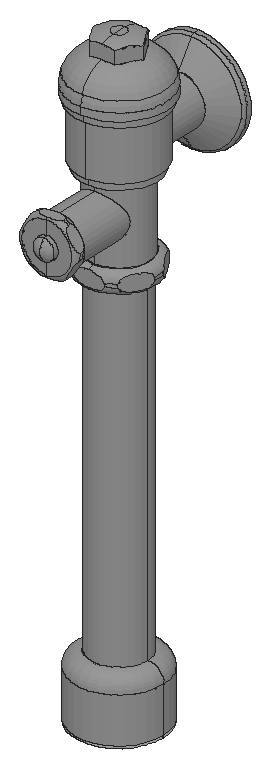
Revit family "LIXIL - FM2-210 N - COBRA FLUSH MASTER TOILET FLUSH VALVE", category Plumbing Fixtures, Revit 2023
Family settings
  Round Connector Dimension = Use Diameter
  Part Type = Normal
  OmniClass Number = 23.45.00.00
  OmniClass Title = Sanitary, Laundry, and Cleaning Equipment
  Work Plane-Based = No
  Enable Cutting in Views = No
  Always vertical = Yes
  Cut with Voids When Loaded = No
  Maintain Annotation Orientation = No
  Shared = Yes
  Room Calculation Point = No
Parameters (values of type "FM2-210 N")
  Product Specification = "Supplier: Lixil.\r\nProduct description: Exposed top entry. Non-hold open feature. With wall flange, integral vacuum breaker, and butterfly control inlet. Including pan connector. With straight flush pipe and compression pan connector. 1 1/4BSP female iron connection end. Recommended optimum design pressures: inlet flow pressure 30 - 300kPa for back entry WC pans: Maximum system pressure 600kPa.\r\nProduct Code: FFUUSPFM-0GT01\r\nSKU Code\t: FM2-210/N\r\nBarcode: 6002194033110\r\nBrand: Cobra\r\nRange: Flush Master\r\nCategory: Flush Valves\r\nSub-Category: Toilets\r\nColour: Chrome\r\nPackage Height: 80 mm\r\nPackage Width: 250 mm\r\nPackage Length: 480 mm\r\nPackage Volume: 9600000 mm³\r\nPackage Weight: 2.88 kg\r\n\r\nNotes:\r\n- Refer to manufacturer's and supplier's installation, maintenance and cleaning manual.\r\n- Refer to manufacturer's and supplier's guarantees and warrantees document."
  M _ RUBBER _ BLACK _ SOFT = M _ LIXIL - RUBBER - BLACK 01
  M _ FLUSH VALVE BODY = M _ LIXIL - CHROME 01
  M _ FLUSH PIPE _ CHROME = M _ LIXIL - CHROME 01
  Hosted on lixil.co.za = "https://www.lixil.co.za/item/cobra-flush-master-valve-flush-toilet-chrome-14"
  HEIGHT -118MM - 273MM MAX = 270 mm
  Description = "Cobra Flush Master Toilet Flush Valve to detail and spec. See sanware schedule. Available from Lixil."
  Default Elevation = 0 mm
Reference planes
  plane 1 "Center (Front/Back)": y = 0
  plane 2: z = 0
  plane 3 "Center (Left/Right)": x = 0
  plane 4: z = 270
  plane 5: z = 311.656
  plane 6: z = 341.871
  plane 7 "Center L/V": y = -67
Dimensions and locks
  "HEIGHT -118MM - 273MM MAX": level to plane 4
  locked: plane 5 to plane 4 at 41.656
  locked: connector elem to plane 5 at 40.215
  aligned and locked: level to plane 2
  aligned and locked: level to nested 3
  aligned and locked: nested 1 to plane 4
  aligned and locked: nested 1 to plane 1 "Center (Front/Back)"
  aligned and locked: plane 7 "Center L/V" to nested 3
Nested families
  nested 1: "BODY" at (0, -67, 270) x (0, 1, 0) z (0, 0, 1), type "BODY", detail levels medium+fine
  nested 2: "PLACEHOLDER" at (0, 0, 0), H <- "HEIGHT -118MM - 273MM MAX", type "01", detail levels coarse
    with W 70 mm, H 270 mm, D 134.836 mm
  nested 3: "PIPE" at (0, -67, 0), type "01", detail levels medium+fine
    with HEIGHT -118MM - 273MM MAX 270 mm
Connectors
  piping at (1.468, 0, 351.871), diameter 15
    settings: index 1, connector inside diameter 609.6 mm, connector length 0 mm, flow factor 0, pipe flow 0.0 L/s, pressure drop 0.0 Pa, fitting loss kfactor 0, connector angle 0.00°, fixture units 0, engagement length 0 mm, angle of deflection 0.00°, flow configuration 0, flow direction 0, fitting loss method 0, system type 20, joint type 0, gender type 0, connector reference index -1, connector utility 0, adjustable connector no, is connector primary yes, connector description ""
Definition of nested family "BODY"
  Parameters (values of type "BODY")
    M _ RUBBER _ BLACK _ SOFT = none
    M _ FLUSH VALVE BODY = none
    Default Elevation = 0 mm
  Reference planes
    plane 1 "Center (Front/Back)": y = 0
    plane 2: z = 0
    plane 3 "Center (Left/Right)": x = 0
    plane 4: z = 41.656
    plane 5: y = -115
    plane 6: y = -71
    plane 7: z = 81.871
    plane 8: x = -115
    plane 9: x = 108
  Forms (mm)
    Revolve 1, solid, material <- "M _ FLUSH VALVE BODY"
      sketch origin (0, 0, 0) x (1, 0, 0) y (0, 0, 1)
        loop
          line (0, 109.141) -> (-30, 109.141) -> (-30, 104.141) -> (-27.903, 104.141) -> (-27.903, 69.141) -> (-25.807, 69.141) -> (-25.807, 64.141) -> (-20, 64.141) -> (-20, 14.141) -> (0, 14.141) -> (0, 109.141)
        axis (0, 109.141) -> (0, 14.141)
      angle from 0 to 360
    Revolve 2, solid, material <- "M _ FLUSH VALVE BODY"
      sketch origin (0, 0, 218.282) x (1, 0, 0) y (0, 0, 1)
        loop
          line (0, -83.485) -> (-14.613, -83.485)
          arc (-14.613, -83.485) -> (-24.709, -88.263) -> (-30.92, -97.548) r 20.967
          line (-30.92, -97.548) -> (0, -97.548) -> (0, -83.485)
        axis (0, -97.548) -> (0, -83.485)
      angle from 0 to 360
    Extrusion 3, solid, material <- "M _ FLUSH VALVE BODY"
      sketch origin (0, 40, 71.777) x (-1, 0, 0) y (0, -1, 0)
        loop
          line (-14.289, 48.25) -> (-14.289, 31.75) -> (0, 23.5) -> (14.289, 31.75) -> (14.289, 48.25) -> (0, 56.5) -> (-14.289, 48.25)
      from 59.503 to 75.892
    Revolve 4, void
      sketch origin (-71, 0, 58.07) x (-1, 0, 0) y (0, 0, 1)
        loop
          line (-52.121, 83.392) -> (-52.121, 92.654) -> (-71, 92.654) -> (-71, 87.819) -> (-66, 87.819)
          arc (-66, 87.819) -> (-58.716, 86.686) -> (-52.121, 83.392) r 23.972
        axis (-71, 92.654) -> (-71, 83.392)
      angle from 0 to 360
    Revolve 5, solid, material <- "M _ FLUSH VALVE BODY"
      sketch origin (-29.742, 0, -95.834) x (-1, 0, 0) y (0, 0, 1)
        loop
          line (-29.742, 109.976) -> (-50.648, 109.976)
          arc (-50.648, 109.976) -> (-54.957, 108.19) -> (-56.742, 103.881) r 6.095
          line (-56.742, 103.881) -> (-56.742, 101.929)
          arc (-56.742, 101.929) -> (-54.957, 97.62) -> (-50.648, 95.834) r 6.095
          line (-50.648, 95.834) -> (-29.742, 95.834) -> (-29.742, 109.976)
        axis (-29.742, 109.976) -> (-29.742, 95.834)
      angle from 0 to 360
    Extrusion 6, void
      sketch origin (-282.166, -351.439, 0) x (0, 1, 0) y (-1, 0, 0)
        loop
          line (337.005, -257.166) -> (322.571, -282.166) -> (337.005, -307.166) -> (365.872, -307.166) -> (380.306, -282.166) -> (365.872, -257.166) -> (337.005, -257.166)
        loop
          circle (351.439, -282.166) r 34.38
      from 0 to 14.141
    Revolve 7, solid, material <- "M _ FLUSH VALVE BODY"
      sketch origin (160.361, 0, 52.128) x (0, 0, -1) y (-1, 0, 0)
        loop
          line (-64.742, 93.361) -> (-29.742, 93.361) -> (-29.742, 109.976) -> (-47.12, 109.976) -> (-63.314, 99.144)
          arc (-63.314, 99.144) -> (-64.363, 97.986) -> (-64.742, 96.47) r 3.217
          line (-64.742, 96.47) -> (-64.742, 93.361)
        axis (-29.742, 109.976) -> (-29.742, 93.361)
      angle from 0 to 360
    Revolve 8, solid, material <- "M _ FLUSH VALVE BODY"
      sketch origin (43.733, 0, 11.913) x (0, 0, -1) y (-1, 0, 0)
        loop
          line (-29.742, 102.005) -> (-37.39, 102.005) -> (-37.39, 104.271) -> (-46.535, 104.271)
          arc (-46.535, 104.271) -> (-48.656, 103.392) -> (-49.535, 101.271) r 3
          line (-49.535, 101.271) -> (-49.535, 98.834)
          arc (-49.535, 98.834) -> (-48.656, 96.713) -> (-46.535, 95.834) r 3
          line (-46.535, 95.834) -> (-29.742, 95.834) -> (-29.742, 102.005)
        axis (-29.742, 104.271) -> (-29.742, 95.834)
      angle from 0 to 360
    Extrusion 9, void
      sketch origin (-52.102, -351.439, -240.51) x (0, 1, 0) y (0, 0, -1)
        loop
          line (341.043, -264.16) -> (330.648, -282.166) -> (341.043, -300.171) -> (361.834, -300.171) -> (372.229, -282.166) -> (361.834, -264.16) -> (341.043, -264.16)
        loop
          circle (351.439, -282.166) r 24.761
      from 0 to 14.141
    Revolve 10, solid, material <- "M _ FLUSH VALVE BODY"
      sketch origin (-79.288, 0, 41.656) x (0, 0, -1) y (1, 0, 0)
        loop
          line (-16.296, 79.288) -> (-16.296, 27.209) -> (0, 27.209) -> (0, 79.288) -> (-16.296, 79.288)
        axis (0, 79.288) -> (0, 27.209)
      angle from 0 to 360
    Revolve 11, solid, material <- "M _ FLUSH VALVE BODY"
      sketch origin (-33.352, 0, 41.656) x (0, 0, -1) y (1, 0, 0)
        loop
          line (-7, -24.92) -> (-7, -29.92)
          arc (-7, -29.92) -> (-3.905, -32.471) -> (0, -33.385) r 8.802
          line (0, -33.385) -> (0, -24.92) -> (-7, -24.92)
        axis (0, -33.385) -> (0, -24.92)
      angle from 0 to 360
    Revolve 12, solid, material <- "M _ FLUSH VALVE BODY"
      sketch origin (-27.209, 0, 81.871) x (0, 0, -1) y (1, 0, 0)
        loop
          line (-17.271, 77.595) -> (-17.271, 27.209) -> (0, 27.209) -> (0, 77.595) -> (-17.271, 77.595)
        axis (0, 77.595) -> (0, 27.209)
      angle from 0 to 360
    Revolve 13, solid, material <- "M _ RUBBER _ BLACK _ SOFT"
      sketch origin (0, 0, 218.282) x (1, 0, 0) y (0, 0, 1)
        loop
          line (0, -109.141) -> (0, -97.548) -> (-30.92, -97.548)
          arc (-30.92, -97.548) -> (-31.716, -100.802) -> (-31.983, -104.141) r 20.967
          line (-31.983, -104.141) -> (-31.983, -109.141) -> (0, -109.141)
        axis (0, -109.141) -> (0, -97.548)
      angle from 0 to 360
  Cuts and joins
    Revolve 4 cuts Extrusion 3
    joined: Revolve 1, Revolve 2, Extrusion 3
    Extrusion 6 cuts Revolve 5
    Extrusion 9 cuts Revolve 8
  Dimensions and locks
    plane 4 to level = 41.656 mm
    plane 5 to plane 1 "Center (Front/Back)" = 115 mm
    plane 3 "Center (Left/Right)" to plane 8 = 115 mm
    locked: plane 9 to plane 3 "Center (Left/Right)" at 108
    aligned and locked: level to plane 2
  Nested families
    nested 1: "COBRA LOGO _ FACE BASED" at (-0.409, 0.182, 145.889) x (-1, 0, 0) z (0, 0, 1), type "01"
  Definition of nested family "COBRA LOGO _ FACE BASED"
    Parameters (values of type "01")
      Default Elevation = 1219.2 mm
    Reference planes
      plane 1 "Center (Front/Back)": y = 0
      plane 2: z = 0
      plane 3 "Center (Left/Right)": x = 0
    Forms (mm)
      Extrusion 1, solid
        sketch origin (0, 0, 0) x (1, 0, 0) y (0, 1, 0)
          loop
            line (-1219.2, 1219.2) -> (-1219.2, -1219.2) -> (1219.2, -1219.2) -> (1219.2, 1219.2) -> (-1219.2, 1219.2)
        from 0 to -304.8
    Lines and regions (mm)
      model lines
        curve 1: arc (-0.413, 0.586, 0) -> (-2.269, -3.026, 0) -> (1.792, -3.004, 0) r 2.375
        curve 2: arc (-0.413, 1.371, 0) -> (-4.565, -4.073, 0) -> (1.792, -6.615, 0) r 4.299
        curve 3: arc (-0.513, -0.251, 0) -> (3.543, -0.053, 0) -> (1.494, 3.454, 0) r 2.375
        curve 4: arc (-1.193, -0.643, 0) -> (5.597, -1.517, 0) -> (4.62, 5.259, 0) r 4.299
        curve 5: arc (0.262, 0.08, 0) -> (-1.938, 3.494, 0) -> (-3.95, -0.034, 0) r 2.375
        curve 6: arc (0.941, -0.312, 0) -> (-1.697, 6.006, 0) -> (-7.077, 1.771, 0) r 4.299
        curve 7: arc (-0.413, 1.371, 0) -> (-4.565, -4.073, 0) -> (1.792, -6.615, 0) r 4.299
        curve 8: arc (-0.413, 0.586, 0) -> (-2.269, -3.026, 0) -> (1.792, -3.004, 0) r 2.375
        curve 9: arc (-1.193, -0.643, 0) -> (5.597, -1.517, 0) -> (4.62, 5.259, 0) r 4.299
        curve 10: arc (-0.513, -0.251, 0) -> (3.543, -0.053, 0) -> (1.494, 3.454, 0) r 2.375
        curve 11: arc (0.941, -0.312, 0) -> (-1.697, 6.006, 0) -> (-7.077, 1.771, 0) r 4.299
        curve 12: line (-0.413, 1.371, 0) -> (-0.413, 0.586, 0)
        curve 13: line (-0.413, 0.586, 0) -> (-0.413, 1.371, 0)
        curve 14: line (1.792, -3.004, 0) -> (1.792, -6.615, 0)
        curve 15: line (1.792, -6.615, 0) -> (1.792, -3.004, 0)
        curve 16: line (-1.193, -0.643, 0) -> (-0.513, -0.251, 0)
        curve 17: line (-0.513, -0.251, 0) -> (-1.193, -0.643, 0)
        curve 18: line (1.494, 3.454, 0) -> (4.62, 5.259, 0)
        curve 19: line (4.62, 5.259, 0) -> (1.494, 3.454, 0)
        curve 20: line (0.941, -0.312, 0) -> (0.262, 0.08, 0)
        curve 21: line (0.262, 0.08, 0) -> (0.941, -0.312, 0)
        curve 22: line (-3.95, -0.034, 0) -> (-7.077, 1.771, 0)
        curve 23: line (-7.077, 1.771, 0) -> (-3.95, -0.034, 0)
        curve 24: arc (0.262, 0.08, 0) -> (-1.938, 3.494, 0) -> (-3.95, -0.034, 0) r 2.375
    Dimensions and locks
      aligned and locked: plane 2 to Extrusion 1
      aligned and locked: level to Extrusion 1
Definition of nested family "PLACEHOLDER"
  Parameters (values of type "01")
    W [instance] = 260.392 mm
    H [instance] = 470.882 mm
    Default Elevation = 0 mm
    D [instance] = 240.391 mm
  Reference planes
    plane 1 "Center (Front/Back)": y = 0
    plane 2: z = 0
    plane 3 "Center (Left/Right)": x = 0
    plane 4: y = -240.391
    plane 5: x = -130.196
    plane 6: x = 130.196
    plane 7: z = 470.882
    plane 8: z = 616.782
  Forms (mm)
    Extrusion 1, solid
      sketch origin (0, 0, 0) x (1, 0, 0) y (0, 1, 0)
        loop
          line (-130.196, 0) -> (-130.196, -240.391) -> (130.196, -240.391) -> (130.196, 0) -> (-130.196, 0)
      from 0 to 616.782
  Dimensions and locks
    "D": plane 4 to plane 1 "Center (Front/Back)"
    equal spacing: plane 5, plane 3 "Center (Left/Right)", plane 6
    "W": plane 5 to plane 6
    "H": plane 7 to level
    locked: plane 8 to plane 7 at 145.9
    aligned and locked: level to plane 2
    aligned and locked: Extrusion 1 sketch curve to plane 5
    aligned and locked: Extrusion 1 sketch curve to plane 1 "Center (Front/Back)"
    aligned and locked: Extrusion 1 sketch curve to plane 6
    aligned and locked: Extrusion 1 to level
    aligned and locked: plane 8 to Extrusion 1
    aligned and locked: Extrusion 1 sketch curve to plane 4
Definition of nested family "PIPE"
  Parameters (values of type "Family1")
    M _ RUBBER _ BLACK _ SOFT = none
    M _ FLUSH PIPE _ CHROME = none
    HEIGHT -118MM - 273MM MAX = 675 mm
    Default Elevation = 0 mm
  Reference planes
    plane 1 "Center (Front/Back)": y = 0
    plane 2: z = 0
    plane 3 "Center (Left/Right)": x = 0
    plane 4: z = 675
  Forms (mm)
    Sweep 1, solid, material <- "M _ FLUSH PIPE _ CHROME"
      path origin (0, 0, 0) x (0, 1, 0) y (0, 0, 1)
        loop
          line (0, 675) -> (0, 0)
      profile origin (0, 0, 337.5) x (1, 0, 0) y (0, 1, 0)
        loop
          circle (0, 0) r 19.1
        loop
          circle (0, 0) r 17.5
  Dimensions and locks
    "HEIGHT -118MM - 273MM MAX": level to plane 4
    aligned and locked: level to plane 2
    aligned and locked: plane 1 "Center (Front/Back)" to nested 1
    aligned and locked: plane 3 "Center (Left/Right)" to nested 1
  Automatic sketch dimensions
    Sweep 1 sketch curve to level = 0 mm
    Sweep 1 sketch curve to plane 1 "Center (Front/Back)" = 0 mm
    plane 4 to Sweep 1 sketch curve = 0 mm
    Sweep 1 sketch curve to Sweep 1 sketch curve = 0 mm  (x2)
    profile plane to Sweep 1 sketch curve = 0 mm
    Sweep 1 sketch curve to profile plane = 0 mm
    radius of Sweep 1 sketch curve = 19.1 mm
    radius of Sweep 1 sketch curve = 17.5 mm
  Nested families
    nested 1: "RUBBER 02" at (0, 0, 0), type "01"
    nested 2: "RUBBER 01" at (0, 0, 0.643), type "01"
  Definition of nested family "RUBBER 02"
    Parameters (values of type "01")
      M _ RUBBER _ BLACK _ SOFT = none
      Default Elevation = 0 mm
    Reference planes
      plane 1 "Center (Front/Back)": y = 0
      plane 2: z = 0
      plane 3 "Center (Left/Right)": x = 0
      plane 4: z = 11
    Forms (mm)
      Revolve 1, solid, material <- "M _ RUBBER _ BLACK _ SOFT"
        sketch origin (0, 0, 0) x (1, 0, 0) y (0, 0, 1)
          loop
            line (-24.17, 0) -> (-24.17, 11) -> (-24.974, 11) -> (-28.1, 1.381)
            arc (-28.1, 1.381) -> (-28.825, 0.382) -> (-30, 0) r 1.998
            line (-30, 0) -> (-24.17, 0)
          axis (0, 0) -> (0, 11)
        angle from 0 to 360
    Dimensions and locks
      aligned and locked: level to plane 2
  Definition of nested family "RUBBER 01"
    Parameters (values of type "01")
      M _ FLUSH PIPE _ CHROME = none
      Default Elevation = 0 mm
    Reference planes
      plane 1 "Center (Front/Back)": y = 0
      plane 2: z = 0
      plane 3 "Center (Left/Right)": x = 0
      plane 4: z = 11
    Forms (mm)
      Revolve 1, solid, material <- "M _ FLUSH PIPE _ CHROME"
        sketch origin (0, 0, 0) x (1, 0, 0) y (0, 0, 1)
          loop
            line (0, 42.32) -> (-19.5, 42.32)
            arc (-19.5, 42.32) -> (-27, 39.213) -> (-30.107, 31.713) r 10.607
            line (-30.107, 31.713) -> (-30.107, 1.006)
            arc (-30.107, 1.006) -> (-29.457, 1.16) -> (-29.051, 1.69) r 0.998
            line (-29.051, 1.69) -> (-26.025, 11) -> (0, 11) -> (0, 42.32)
          axis (0, 1.006) -> (0, 42.32)
        angle from 0 to 360
    Dimensions and locks
      aligned and locked: level to plane 2
